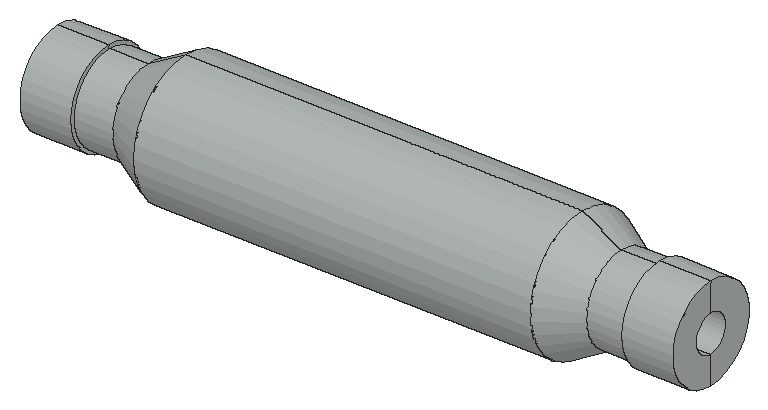
Revit family "Fernox_Electrolytic Scale Reducer_62551", category Apparecchi idraulici, Revit 2020
Family settings
  Quota connettore circolare = Usa diametro
  Tipo di parte = Normale
  Numero OmniClass = 23.45.00.00
  Titolo OmniClass = Sanitary, Laundry, and Cleaning Equipment
  Basato su piano di lavoro = No
  Sempre verticale = Sì
  Taglio con vuoti quando caricato = No
  Condiviso = No
  Punto di calcolo locali = No
Parameters
  URL = "https://fernox.it/product/electrolytic-scale-reducer/"
  Prospetto di default = 0 mm
  Produttore = "FERNOX"
  Modello = "Electrolytic Scale Reducer"
  DN [instance] = 15 mm
Reference planes
  plane 1 "Centro (Fronte/Retro)": y = 0
  plane 2: z = 0
  plane 3 "Centro (Sinistra/Destra)": x = 0
Forms (mm)
  Revolve 1, solid, material "_Lega di ottone"
    sketch origin (0, 0, 0) x (1, 0, 0) y (0, 0, 1)
      loop
        line (-76.5, 10.375) -> (76.658, 10.375) -> (76.658, 12.008) -> (65.704, 12.008) -> (55.09, 18.056) -> (-55.062, 18.056) -> (-65.675, 12.173) -> (-76.5, 12.173) -> (-76.5, 10.375)
      axis (-76.5, 0) -> (76.658, 0)
    angle from 0 to 360
  Revolve 2, solid, material "_Lega di ottone_filetto verticale"
    sketch origin (0, 0, 0) x (1, 0, 0) y (0, 0, 1)
      loop
        line (-76.5, 5.221) -> (-76.5, 13.035) -> (-90.615, 13.035) -> (-90.615, 5.221) -> (-76.5, 5.221)
      axis (-90.615, 0) -> (-76.5, 0)
    angle from 0 to 360
  Revolve 3, solid, material "_Lega di ottone_filetto verticale"
    sketch origin (0, 0, 0) x (-1, 0, 0) y (0, 0, -1)
      loop
        line (-76.5, -5.221) -> (-90.753, -5.221) -> (-90.753, -13.035) -> (-76.5, -13.035) -> (-76.5, -5.221)
      axis (-90.753, 0) -> (-76.5, 0)
    angle from 0 to 360
Dimensions and locks
  aligned and locked: level to plane 2
Connectors
  piping at (90.753, 0, 0), diameter 15, driven by "DN"
    settings: on Revolve 3, index 1, connector inside diameter 609.6 mm, connector length 0 mm, flow factor 0, pipe flow 0.0 L/s, pressure drop 0.0 Pa, fitting loss kfactor 0, connector angle 0.00°, fixture units 0, engagement length 0 mm, angle of deflection 0.00°, flow configuration 0, flow direction 0, fitting loss method 0, system type 7, joint type 0, gender type 0, connector reference index -1, connector utility 0, adjustable connector no, is connector primary yes, connector description ""
  piping at (-90.615, 0, 0), diameter 15, driven by "DN"
    settings: on Revolve 2, index 2, connector inside diameter 609.6 mm, connector length 0 mm, flow factor 0, pipe flow 0.0 L/s, pressure drop 0.0 Pa, fitting loss kfactor 0, connector angle 0.00°, fixture units 0, engagement length 0 mm, angle of deflection 0.00°, flow configuration 0, flow direction 0, fitting loss method 0, system type 7, joint type 0, gender type 0, connector reference index -1, connector utility 0, adjustable connector no, is connector primary no, connector description ""
